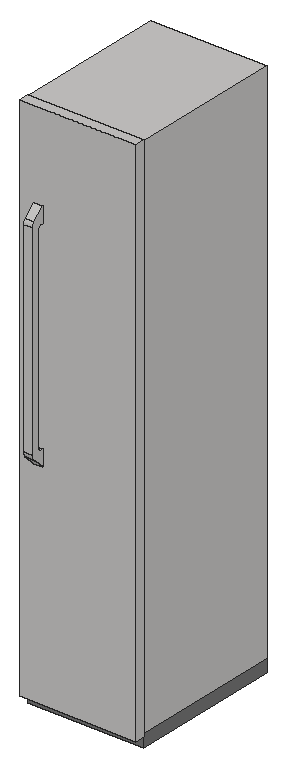
Revit family "DRZ18980RAP_Revit", category Specialty Equipment, Revit 2014
Parameters (values of type "DRZ18980RAP")
  Width = 17 3/4"
  Volts (V) = "115"
  Unit = Stainless Steel
  Total Unit Gross Capacity (cu.ft.) - AHAM = "9.5 cu. ft."
  Support = Plastic-Black
  Special Modes = "Sabbath Mode"
  Shelf Material = "Tempered, Metal Trim, Spill-Proof"
  Refrigerator Gross Capacity (cu.ft.) = "9.5 cu. ft."
  Push-To-Open™ Door Assist = "Yes"
  Precise Cooling = "Yes"
  Power Freeze = "Yes"
  Power Cord Length (in.) = "78 3/4\""
  Plug Type = "120 V, 3 Prong"
  Panel Ready = "Yes"
  Model = "DRZ18980RAP"
  Manufacturer = "Dacor"
  Lighting = "3DLighting™"
  Interior Material = "SteelCool™ Stainless Steel Interior"
  Ice Maker = "Standard Icemaker"
  Hidden Compartment with Flip-up cover = "No"
  Height = 83 3/8"
  Handle = Stainless Steel
  Full Width Shelves = "3 ea"
  Full Extension Drawers at 90º Door Opening Angle = "Yes"
  Frequency (Hz) = "60"
  Freezer Drawer = "2 ea"
  Freezer - Power Freeze = "-8° (-23°)"
  Freezer = "5°(-15°) to -8° (-23°)"
  ENERGY STAR® Qualified = "Yes"
  Door Swing = "Right"
  Door Open Alarm = "Yes"
  Door Bins = "4 ea"
  Door = Stainless Steel
  Description = "18-INCH FREEZER COLUMN, RIGHT-HINGE"
  Depth = 25"
  Defrost Process = "Frost-Free"
  Dedicated Evaporator & Compressor System = "Yes"
  Current (A) = "3"
  Annual Energy Consumption = "465 kWy/year"
Reference planes (in)
  plane 1 "Center (Front/Back)": y = 0
  plane 2: z = 0
  plane 3 "Center (Left/Right)": x = 0
  plane 4: y = 12.5
  plane 5: y = -12.5
  plane 6: x = -8.875
  plane 7: x = 8.875
  plane 8: z = 83.375
  plane 9: z = 2
  plane 10: y = -14.375
  plane 11: y = -11
Forms (in)
  Extrusion 1, solid, material "Stainless Steel" <- "Unit"
    sketch origin (0, 0, 0) x (1, 0, 0) y (0, 1, 0)
      loop
        line (-8.875, -11) -> (-7.875, -11) -> (-7.875, 11.375) -> (7.875, 11.375) -> (7.875, -11) -> (8.875, -11) -> (8.875, 12.5) -> (-8.875, 12.5) -> (-8.875, -11)
    from 2 to 83.375
  Extrusion 2, solid, material "Stainless Steel" <- "Handle"
    sketch origin (0, 0, 0) x (1, 0, 0) y (0, 0, 1)
      loop
        line (-8.875, 1.57503) -> (8.875, 1.57503) -> (8.875, 83.5) -> (-8.875, 83.5) -> (-8.875, 1.57503)
    from 11 to 12.5
  Extrusion 3, solid, material "Plastic-Black" <- "Support"
    sketch origin (0, 0, 0) x (0, 1, 0) y (0, 0, 1)
      loop
        line (12.5, 2) -> (-11, 2) -> (-11, 0) -> (12.5, 0) -> (12.5, 2)
    from -8.875 to 8.875
  Extrusion 4, solid, material "Stainless Steel" <- "Unit"
    sketch origin (0, 0, 83.375) x (1, 0, 0) y (0, 1, 0)
      loop
        line (-7.875, 11.375) -> (-7.875, -11) -> (7.875, -11) -> (7.875, 11.375) -> (-7.875, 11.375)
    from 0 to -1.14126
  Extrusion 5, solid, material "Stainless Steel" <- "Handle"
    sketch origin (-1.25, 0, 0) x (0, 1, 0) y (0, 0, 1)
      loop
        line (-12.5, 70.125) -> (-14.08211, 68.54289)
        arc (-14.08211, 68.54289) -> (-14.29888, 68.21847) -> (-14.375, 67.83579) r 1
        line (-14.375, 67.83579) -> (-14.375, 64.9375) -> (-13.4375, 64.9375) -> (-13.4375, 67.1875) -> (-12.96875, 67.65625) -> (-12.5, 67.65625) -> (-12.5, 70.125)
    from -5.55491 to -4.21363
  Extrusion 6, solid, material "Stainless Steel" <- "Handle"
    sketch origin (-1.25, 0, 104.5) x (0, 1, 0) y (0, 0, 1)
      loop
        line (-12.5, -70.25) -> (-12.5, -67.78125) -> (-12.96875, -67.78125) -> (-13.4375, -67.3125) -> (-13.4375, -65.0625) -> (-14.375, -65.0625) -> (-14.375, -67.85723)
        arc (-14.375, -67.85723) -> (-14.27985, -68.33559) -> (-14.00888, -68.74112) r 1.25
        line (-14.00888, -68.74112) -> (-12.5, -70.25)
    from -5.55491 to -4.21363
  Extrusion 7, solid, material "Stainless Steel" <- "Handle"
    sketch origin (0, 0, 0) x (1, 0, 0) y (0, 1, 0)
      loop
        line (-6.80491, -13.4375) -> (-6.80491, -14.375) -> (-5.46363, -14.375) -> (-5.46363, -13.4375) -> (-6.80491, -13.4375)
    from 65.0625 to 39.4375
Cuts and joins
  joined: Extrusion 1, Extrusion 4
  joined: Extrusion 5, Extrusion 6, Extrusion 7
Dimensions and locks (in)
  equal spacing: plane 6, plane 3 "Center (Left/Right)", plane 7
  "Width": plane 6 to plane 7
  equal spacing: plane 4, plane 1 "Center (Front/Back)", plane 5
  "Depth": plane 4 to plane 5
  "Height": plane 8 to plane 2
  plane 9 to plane 2 = 2"
  plane 5 to plane 10 = 1 7/8"
  plane 11 to plane 5 = 1 1/2"
  Extrusion 3 to Extrusion 3 = 17 3/4"
  Extrusion 2 to Extrusion 3 = 25"
  Extrusion 3 to cut or joined group of Extrusion 1, Extrusion 4 = 83 3/8"
  aligned and locked: level to plane 2
  aligned and locked: Extrusion 3 to plane 6
  aligned and locked: plane 7 to Extrusion 3
Automatic sketch dimensions
  Extrusion 1 sketch curve to plane 6 = 0"
  Extrusion 1 sketch curve to plane 11 = 0"  (x2)
  Extrusion 1 sketch curve to plane 7 = 0"
  Extrusion 1 sketch curve to plane 4 = 0"
  Extrusion 1 sketch curve to Extrusion 1 sketch curve = 1"
  Extrusion 1 sketch curve to plane 7 = 1"
  Extrusion 1 sketch curve to plane 4 = 1 1/8"
  Extrusion 2 sketch curve to plane 6 = 0"
  Extrusion 2 sketch curve to plane 7 = 0"
  Extrusion 2 sketch curve to plane 9 = 0.42497"
  plane 8 to Extrusion 2 sketch curve = 1/8"
  Extrusion 3 sketch curve to plane 9 = 0"
  Extrusion 3 sketch curve to plane 11 = 0"
  Extrusion 3 sketch curve to level = 0"
  Extrusion 3 sketch curve to plane 4 = 0"
  Extrusion 1 to Extrusion 4 sketch curve = 0"  (x2)
  Extrusion 4 sketch curve to Extrusion 1 = 0"  (x2)
  Extrusion 5 sketch curve to plane 10 = 0"
  Extrusion 5 sketch curve to plane 5 = 0"
  Extrusion 5 sketch curve to plane 10 = 0.29289"
  Extrusion 5 sketch curve to plane 5 = 15/16"
  Extrusion 5 sketch curve to Extrusion 5 sketch curve = 1/16"
  Extrusion 5 sketch curve to Extrusion 5 sketch curve = 13/32"
  Extrusion 5 sketch curve to plane 8 = 18 7/16"
  Extrusion 5 sketch curve to Extrusion 5 sketch curve = 2 1/4"
  Extrusion 5 sketch curve to Extrusion 5 sketch curve = 15/32"
  Extrusion 5 sketch curve to Extrusion 5 sketch curve = 0.64829"
  Extrusion 5 sketch curve to Extrusion 5 sketch curve = 1.58211"
  Extrusion 6 sketch curve to plane 10 = 0"
  Extrusion 6 sketch curve to plane 5 = 0"
  Extrusion 6 sketch curve to plane 10 = 0.36612"
  Extrusion 6 sketch curve to plane 5 = 15/16"
  Extrusion 6 sketch curve to plane 5 = 5/8"
  Extrusion 6 sketch curve to Extrusion 6 sketch curve = 5/32"
  plane 9 to Extrusion 6 sketch curve = 32 1/4"
  Extrusion 6 sketch curve to Extrusion 6 sketch curve = 1.50888"
  Extrusion 6 sketch curve to Extrusion 6 sketch curve = 0.07598"
  Extrusion 6 sketch curve to Extrusion 6 sketch curve = 0.54473"
  Extrusion 6 sketch curve to Extrusion 6 sketch curve = 2 1/4"
  plane 10 to Extrusion 7 sketch curve = 0"
  plane 6 to Extrusion 7 sketch curve = 2.07009"
  Extrusion 7 sketch curve to Extrusion 7 sketch curve = 1.34127"
  Extrusion 7 sketch curve to plane 5 = 15/16"
